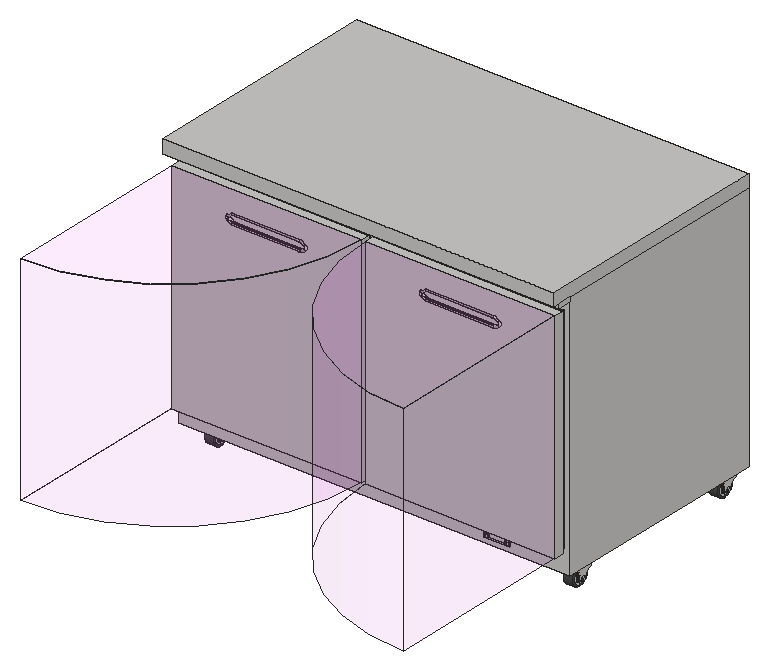
Revit family "QF_Kelvinator_738266_KCHUC48F", category Specialty Equipment, Revit 2021
Family settings
  Round Connector Dimension = Use Diameter
  Part Type = Normal
  Work Plane-Based = No
  Always vertical = Yes
  Cut with Voids When Loaded = No
  Shared = No
  Room Calculation Point = No
Parameters
  Weight in Pounds = 222.67
  Weight = 101.00 lbm
  Watts = 0 W
  Volts = 115 V
  URL Manufacturer = "KELVINATOR"
  URL Cutsheet = ""
  URL = "KELVINATOR"
  Specification by User = ""
  Specification by Manufacturer = ""
  Serial Number = ""
  Seismic Rating = ""
  SMACNA No = ""
  Revision Code = ""
  Refrigerant Type = "R290"
  Phase = 1
  Number of Poles = 1
  NAFEM Spec ID Number = ""
  Model = "KCHUC48F"
  Min Ckt Ampacity = 0 A
  Max Overcurrent Protection = 0 A
  Masterspec = ""
  Manufacturer = "Kelvinator"
  Length Actual = 1225"
  Length = 48 1/4"
  Item Number = "738266"
  Installed By = ""
  Identify Quantity as Lot = yes
  Height Actual = 902"
  Height = 35 1/2"
  HP = "0.5 HP"
  Gas KW = 0
  Furnished By = ""
  Foodservice Equipment Identifier = yes
  FL Amps = 4 A
  Electrical Remarks = ""
  Electric Connection Type = ""
  Elec Conn RI Height = 0"
  Elec Conn Connection Height = 0"
  Description = "2-DOOR UNDER COUNTER FEEZER 48\" LONG"
  Depth Actual = 760"
  Depth = 29 15/16"
  Default Elevation = 0"
  Cycle = 60 Hz
  Conn Plug = "5-15P"
  Conn Conduit = yes
  CSI MasterFormat = ""
  Apparent Power = 0 VA
  Accessory = no
Reference planes (in)
  plane 1 "BACK": y = 0
  plane 2: z = 0
  plane 3 "LEFT": x = 0
  plane 4 "RIGHT": x = 48.25
  plane 5 "FRONT": y = -29.9375
  plane 6 "TOP": z = 35.5
  plane 7 "Center Y": x = 24.125
  plane 8 "Center X": y = -14.96875
Dimensions and locks (in)
  equal spacing: plane 3 "LEFT", plane 7 "Center Y", plane 4 "RIGHT"
  "Length": plane 3 "LEFT" to plane 4 "RIGHT"
  equal spacing: plane 5 "FRONT", plane 8 "Center X", plane 1 "BACK"
  "Depth": plane 5 "FRONT" to plane 1 "BACK"
  "Height": plane 6 "TOP" to level
  aligned and locked: level to plane 2
Nested families (in)
  nested 1: "KCHST.0001" at (0, 0, 0), type "KCHST.0001"
    with Show Clearance yes
Connectors (in)
  electrical at (24.125, -0.87772, 2.31881), driven by "Volts", driven by "Watts"
    settings: on nested 1, index 1, voltage 115 V, apparent load 0 VA, apparent load phase1 0 VA, apparent load phase2 0 VA, apparent load phase3 0 VA, power factor 1, load classification "Other", number of poles 1, system type 30, power factor state 1, is connector primary yes, connector utility no, sub classification motor no, connector description ""
Definition of nested family "KCHST.0001"
  Parameters (values of type "KCHST.0001")
    Weight in Pounds = 0
    URL Cutsheet = ""
    Specification by User = ""
    Specification by Manufacturer = ""
    Show Clearance [instance] = yes
    Serial Number = ""
    Seismic Rating = ""
    SMACNA No = ""
    Revision Code = ""
    NAFEM Spec ID Number = ""
    Masterspec = ""
    Length = 48 1/4"
    Item Number = ""
    Installed By = ""
    Identify Quantity as Lot = yes
    Height = 35 1/2"
    Furnished By = ""
    Foodservice Equipment Identifier = yes
    Depth = 29 15/16"
    Default Elevation = 0"
    CSI MasterFormat = ""
  Reference planes (in)
    plane 1 "BACK": y = 0
    plane 2: z = 0
    plane 3 "LEFT": x = 0
    plane 4 "RIGHT": x = 48.25
    plane 5 "FRONT": y = -29.9375
    plane 6 "TOP": z = 35.5
    plane 7 "Center Y": x = 24.125
    plane 8 "Center X": y = -14.96875
    plane 9: z = 3.1
    plane 10: z = 33.9
    plane 11: y = -56
    plane 12: y = -29.2
    plane 13: z = 32.4
    plane 14: z = 5.6
    plane 15: y = -27.5
    plane 16: x = 46.25
    plane 17: x = 2
    plane 18: x = 23.875
    plane 19: x = 0.5
    plane 20: x = 12.17363
    plane 21: x = 36.07637
  Forms (in)
    Extrusion 1, solid
      sketch origin (0, 0, 0) x (0, 1, 0) y (0, 0, 1)
        loop
          line (-27.5, 33.9) -> (-27.5, 3.1) -> (0, 3.1) -> (0, 33.9) -> (-27.5, 33.9)
      from 0 to 48.25
    Extrusion 2, solid
      sketch origin (0, 0, 0) x (0, 1, 0) y (0, 0, 1)
        loop
          line (-29.9375, 35.5) -> (-29.9375, 33.9) -> (0, 33.9) -> (0, 35.5) -> (-29.9375, 35.5)
      from 0 to 48.25
    Extrusion 3, solid
      sketch origin (0, 0, 0) x (0, 1, 0) y (0, 0, 1)
        loop
          line (-29.2, 33.9) -> (-29.2, 33.4) -> (-27.5, 33.4) -> (-27.5, 33.9) -> (-29.2, 33.9)
      from 0 to 48.25
    Extrusion 4, solid
      sketch origin (24.125, 6.90541, 48) x (0, 1, 0) y (0, 0, 1)
        loop
          line (-36.10541, -15.6) -> (-36.10541, -42.4) -> (-34.95211, -42.4) -> (-34.95211, -15.6) -> (-36.10541, -15.6)
      from -0.25 to -23.625
    Extrusion 5, solid
      sketch origin (0, 0, 0) x (0, 1, 0) y (0, 0, 1)
        loop
          line (-28.04671, 32.20449) -> (-28.04671, 5.81322) -> (-27.79671, 5.81322) -> (-27.79671, 32.20449) -> (-28.04671, 32.20449)
      from 0.74536 to 23.60189
    Extrusion 6, solid
      sketch origin (0, 0.25, 0) x (0, 1, 0) y (0, 0, 1)
        loop
          line (-28.04671, 32.20449) -> (-28.04671, 5.81322) -> (-27.864, 5.81322) -> (-27.864, 32.20449) -> (-28.04671, 32.20449)
      from 0.74536 to 23.60189
    Extrusion 7, solid
      sketch origin (0, 0.4327, 0) x (0, 1, 0) y (0, 0, 1)
        loop
          line (-28.04671, 32.20449) -> (-28.04671, 5.81322) -> (-27.9327, 5.81322) -> (-27.9327, 32.20449) -> (-28.04671, 32.20449)
      from 0.74536 to 23.60189
    Extrusion 8, solid
      sketch origin (-4.97957, -27.5, -4.77927) x (-1, 0, 0) y (0, 0, 1)
        loop
          line (-42.67533, 9.70772) -> (-45.82493, 9.70772) -> (-45.82493, 8.52662) -> (-42.67533, 8.52662) -> (-42.67533, 9.70772)
        loop
          line (-42.75407, 9.63107) -> (-43.14777, 9.63107) -> (-43.14777, 9.31193) -> (-42.75407, 9.31193) -> (-42.75407, 9.63107)
        loop
          line (-42.75407, 9.27674) -> (-43.14777, 9.27674) -> (-43.14777, 8.9576) -> (-42.75407, 8.9576) -> (-42.75407, 9.27674)
        loop
          line (-42.75407, 8.92241) -> (-43.14777, 8.92241) -> (-43.14777, 8.60327) -> (-42.75407, 8.60327) -> (-42.75407, 8.92241)
        loop
          line (-45.74619, 9.63107) -> (-45.74619, 9.31193) -> (-45.35249, 9.31193) -> (-45.35249, 9.63107) -> (-45.74619, 9.63107)
        loop
          line (-45.74619, 9.27674) -> (-45.74619, 8.9576) -> (-45.35249, 8.9576) -> (-45.35249, 9.27674) -> (-45.74619, 9.27674)
        loop
          line (-45.74619, 8.92241) -> (-45.74619, 8.60327) -> (-45.35249, 8.60327) -> (-45.35249, 8.92241) -> (-45.74619, 8.92241)
        loop
          line (-43.22525, 9.63107) -> (-45.27501, 9.63107) -> (-45.27501, 8.60716) -> (-43.22525, 8.60716) -> (-43.22525, 9.63107)
      from 0.07874 to -0.04602
    Extrusion 9, solid
      sketch origin (-4.97957, -27.54602, -4.77927) x (1, 0, 0) y (0, 0, 1)
        loop
          line (45.35249, 9.63107) -> (45.35249, 9.31193) -> (45.74619, 9.31193) -> (45.74619, 9.63107) -> (45.35249, 9.63107)
        loop
          line (45.35249, 9.27674) -> (45.35249, 8.9576) -> (45.74619, 8.9576) -> (45.74619, 9.27674) -> (45.35249, 9.27674)
        loop
          line (45.35249, 8.92241) -> (45.35249, 8.60327) -> (45.74619, 8.60327) -> (45.74619, 8.92241) -> (45.35249, 8.92241)
        loop
          line (43.14777, 9.63107) -> (42.75407, 9.63107) -> (42.75407, 9.31193) -> (43.14777, 9.31193) -> (43.14777, 9.63107)
        loop
          line (43.14777, 9.27674) -> (42.75407, 9.27674) -> (42.75407, 8.9576) -> (43.14777, 8.9576) -> (43.14777, 9.27674)
        loop
          line (43.14777, 8.92241) -> (42.75407, 8.92241) -> (42.75407, 8.60327) -> (43.14777, 8.60327) -> (43.14777, 8.92241)
      from 0 to -0.07874
    Extrusion 10, solid
      sketch origin (-4.97957, -27.54602, -4.77927) x (1, 0, 0) y (0, 0, 1)
        loop
          line (43.22525, 9.63107) -> (43.22525, 8.60716) -> (45.27501, 8.60716) -> (45.27501, 9.63107) -> (43.22525, 9.63107)
      from 0 to -0.07874
    Extrusion 11, void
      sketch origin (-4.97957, -27.5, -4.77927) x (-1, 0, 0) y (0, 0, 1)
        loop
          line (-42.67533, 9.70772) -> (-45.82493, 9.70772) -> (-45.82493, 8.52662) -> (-42.67533, 8.52662) -> (-42.67533, 9.70772)
      from 0 to 0.07874
    Extrusion 12, void
      sketch origin (-37.41705, -29.19996, 31.5181) x (0, 0, 1) y (1, 0, 0)
        loop
          line (-1.94791, 45.41568) -> (-1.94791, 53.76568) -> (-2.28604, 54.30668)
          arc (-2.28604, 54.30668) -> (-2.38541, 54.36176) -> (-2.48479, 54.30668) r 0.11719
          line (-2.48479, 54.30668) -> (-2.82291, 53.76568) -> (-2.82291, 45.41568) -> (-2.48621, 44.87696)
          arc (-2.48621, 44.87696) -> (-2.38541, 44.82109) -> (-2.28462, 44.87696) r 0.11887
          line (-2.28462, 44.87696) -> (-1.94791, 45.41568)
      from 0 to 0.31887
    Sweep 13, solid
      path origin (-37.41705, -26.39996, 31.5181) x (0, 0, -1) y (1, 0, 0)
        loop
          line (2.82291, 53.76568) -> (2.48479, 54.30668)
          arc (2.48479, 54.30668) -> (2.38541, 54.36176) -> (2.28604, 54.30668) r 0.11719
          line (2.28604, 54.30668) -> (1.94791, 53.76568) -> (1.94791, 45.41568) -> (2.28462, 44.87696)
          arc (2.28462, 44.87696) -> (2.38541, 44.82109) -> (2.48621, 44.87696) r 0.11887
          line (2.48621, 44.87696) -> (2.82291, 45.41568) -> (2.82291, 53.76568)
      profile origin (12.17363, -26.39996, 28.69519) x (0, 0, -1) y (0, -1, 0)
        loop
          line (0, 2.8) -> (0.25, 2.8)
          arc (0.25, 2.8) -> (0.125, 2.85269) -> (0, 2.8) r 0.17461
    Extrusion 14, solid
      sketch origin (-9.65625, -3.56521, 3.1) x (-1, 0, 0) y (0, 1, 0)
        loop
          circle (-33.78125, 2.68749) r 0.25
      from 0 to 0.78119
    Extrusion 15, solid
      sketch origin (24.125, 6.90541, 48) x (0, 1, 0) y (0, 0, -1)
        loop
          line (-36.10541, 15.6) -> (-34.95211, 15.6) -> (-34.95211, 42.4) -> (-36.10541, 42.4) -> (-36.10541, 15.6)
      from -0.25 to -23.625
    Extrusion 16, solid
      sketch origin (48.25, 0, 0) x (0, 1, 0) y (0, 0, -1)
        loop
          line (-28.04671, -32.20449) -> (-27.79671, -32.20449) -> (-27.79671, -5.81322) -> (-28.04671, -5.81322) -> (-28.04671, -32.20449)
      from 0.74536 to 23.60189
    Extrusion 17, solid
      sketch origin (48.25, 0.25, 0) x (0, 1, 0) y (0, 0, -1)
        loop
          line (-28.04671, -32.20449) -> (-27.864, -32.20449) -> (-27.864, -5.81322) -> (-28.04671, -5.81322) -> (-28.04671, -32.20449)
      from 0.74536 to 23.60189
    Extrusion 18, solid
      sketch origin (48.25, 0.4327, 0) x (0, 1, 0) y (0, 0, -1)
        loop
          line (-28.04671, -32.20449) -> (-27.9327, -32.20449) -> (-27.9327, -5.81322) -> (-28.04671, -5.81322) -> (-28.04671, -32.20449)
      from 0.74536 to 23.60189
    Extrusion 19, void
      sketch origin (85.66705, -29.19996, 31.5181) x (0, 0, 1) y (1, 0, 0)
        loop
          line (-1.94791, -45.41568) -> (-2.28462, -44.87696)
          arc (-2.28462, -44.87696) -> (-2.38541, -44.82109) -> (-2.48621, -44.87696) r 0.11887
          line (-2.48621, -44.87696) -> (-2.82291, -45.41568) -> (-2.82291, -53.76568) -> (-2.48479, -54.30668)
          arc (-2.48479, -54.30668) -> (-2.38541, -54.36176) -> (-2.28604, -54.30668) r 0.11719
          line (-2.28604, -54.30668) -> (-1.94791, -53.76568) -> (-1.94791, -45.41568)
      from 0 to 0.31887
    Sweep 20, solid
      path origin (85.66705, -26.39996, 31.5181) x (0, 0, -1) y (1, 0, 0)
        loop
          line (2.82291, -53.76568) -> (2.82291, -45.41568) -> (2.48621, -44.87696)
          arc (2.48621, -44.87696) -> (2.38541, -44.82109) -> (2.28462, -44.87696) r 0.11887
          line (2.28462, -44.87696) -> (1.94791, -45.41568) -> (1.94791, -53.76568) -> (2.28604, -54.30668)
          arc (2.28604, -54.30668) -> (2.38541, -54.36176) -> (2.48479, -54.30668) r 0.11719
          line (2.48479, -54.30668) -> (2.82291, -53.76568)
      profile origin (36.07637, -26.39996, 28.69519) x (0, 0, 1) y (0, -1, 0)
        loop
          arc (0, 2.8) -> (-0.125, 2.85269) -> (-0.25, 2.8) r 0.17461
          line (-0.25, 2.8) -> (0, 2.8)
    Extrusion 21, solid, visible <- "Show Clearance"
      sketch origin (0, 9.61225, 5.6) x (1, 0, 0) y (0, -1, 0)
        loop
          arc (23.875, 38.81225) -> (17.02862, 55.34087) -> (0.5, 62.18725) r 23.375
          line (0.5, 62.18725) -> (0.5, 38.81225) -> (23.875, 38.81225)
        loop
          line (24.375, 38.81225) -> (47.75, 38.81225) -> (47.75, 62.18725)
          arc (47.75, 62.18725) -> (31.22138, 55.34087) -> (24.375, 38.81225) r 23.375
      from 0 to -26.8
  Cuts and joins
    Extrusion 11 cuts Extrusion 8
    Extrusion 12, Extrusion 19 cuts Extrusion 4
    Extrusion 19 cuts Extrusion 15
  Lines and regions (in)
    symbolic lines
      curve 1: line (48.25, -29.9375, 0) -> (48.25, 0, 0)
      curve 2: line (48.25, 0, 0) -> (0, 0, 0)
      curve 3: line (0, 0, 0) -> (0, -29.9375, 0)
      curve 4: line (0, -29.9375, 0) -> (48.25, -29.9375, 0)
    symbolic lines, visible <- "Show Clearance"
      curve 5: arc (23.86336, -29.9375, 0) -> (22.89064, -35.91193, 0) -> (20.41644, -41.43626, 0) r 23.375
      curve 6: arc (27.83356, -41.43626, 0) -> (25.35936, -35.91193, 0) -> (24.38664, -29.9375, 0) r 23.375
      curve 7: line (0.5, -29.9375, 0) -> (20.41644, -41.43626, 0)
      curve 8: line (47.75, -29.9375, 0) -> (27.83356, -41.43626, 0)
  Dimensions and locks (in)
    equal spacing: plane 3 "LEFT", plane 7 "Center Y", plane 4 "RIGHT"
    "Length": plane 3 "LEFT" to plane 4 "RIGHT"
    equal spacing: plane 5 "FRONT", plane 8 "Center X", plane 1 "BACK"
    "Depth": plane 5 "FRONT" to plane 1 "BACK"
    "Height": plane 6 "TOP" to level
    level to plane 9 = 3.1"
    plane 10 to plane 9 = 30.8"
    plane 11 to plane 1 "BACK" = 56"
    plane 14 to plane 13 = 26.8"
    locked: plane 4 "RIGHT" to plane 16 at 2
    locked: plane 3 "LEFT" to plane 17 at 2
    locked: plane 19 to plane 3 "LEFT" at 0.5
    plane 9 to plane 6 "TOP" = 32.4"
    plane 3 "LEFT" to plane 4 "RIGHT" = 48 1/4"
    aligned and locked: level to plane 2
    aligned and locked: plane 16 to nested 1
    aligned and locked: nested 2 to plane 17
    aligned and locked: Extrusion 1 to plane 4 "RIGHT"
    aligned and locked: plane 4 "RIGHT" to Extrusion 1
    aligned and locked: Extrusion 3 to plane 4 "RIGHT"
    aligned and locked: Extrusion 2 to plane 4 "RIGHT"
    aligned and locked: plane 18 to cut or joined group of Extrusion 4, Extrusion 12, Extrusion 19
    aligned and locked: cut or joined group of Extrusion 4, Extrusion 12, Extrusion 19 to plane 19
    aligned and locked: plane 16 to nested 3
  Automatic sketch dimensions
    plane 9 to Extrusion 1 sketch curve = 0"
    Extrusion 1 sketch curve to plane 15 = 0"
    Extrusion 1 sketch curve to plane 1 "BACK" = 0"
    Extrusion 1 sketch curve to plane 10 = 0"
    Extrusion 2 sketch curve to plane 5 "FRONT" = 0"
    Extrusion 2 sketch curve to plane 1 "BACK" = 0"
    Extrusion 2 sketch curve to plane 10 = 0"
    Extrusion 2 sketch curve to plane 6 "TOP" = 0"
    Extrusion 3 sketch curve to plane 10 = 0"
    Extrusion 3 sketch curve to plane 12 = 0"
    Extrusion 3 sketch curve to plane 15 = 0"
    Extrusion 3 sketch curve to Extrusion 3 sketch curve = 1/2"
    Extrusion 4 sketch curve to plane 12 = 0"
    plane 14 to Extrusion 4 sketch curve = 0"
    plane 13 to Extrusion 4 sketch curve = 0"
    Extrusion 4 sketch curve to plane 15 = 0.54671"
    Extrusion 5 sketch curve to plane 14 = 0.21322"
    Extrusion 5 sketch curve to plane 15 = 0.54671"
    Extrusion 5 sketch curve to Extrusion 5 sketch curve = 1/4"
    plane 13 to Extrusion 5 sketch curve = 0.19551"
    Extrusion 6 sketch curve to plane 15 = 0.29671"
    Extrusion 6 sketch curve to plane 15 = 0.114"
    Extrusion 6 sketch curve to plane 14 = 0.21322"
    plane 13 to Extrusion 6 sketch curve = 0.19551"
    Extrusion 7 sketch curve to plane 15 = 0"
    Extrusion 7 sketch curve to Extrusion 7 sketch curve = 0.114"
    Extrusion 7 sketch curve to plane 14 = 0.21322"
    plane 13 to Extrusion 7 sketch curve = 0.19551"
    plane 14 to Extrusion 8 sketch curve = 0.67154"
    Extrusion 8 sketch curve to plane 21 = 4.76899"
    Extrusion 8 sketch curve to Extrusion 8 sketch curve = 0.07874"  (x3)
    Extrusion 8 sketch curve to Extrusion 8 sketch curve = 0"  (x7)
    Extrusion 8 sketch curve to Extrusion 8 sketch curve = 0.3937"  (x2)
    Extrusion 8 sketch curve to Extrusion 8 sketch curve = 0.07748"  (x3)
    Extrusion 8 sketch curve to plane 9 = 0.72789"
    Extrusion 8 sketch curve to Extrusion 8 sketch curve = 2.04976"
    Extrusion 8 sketch curve to Extrusion 8 sketch curve = 1/256"  (x2)
    Extrusion 8 sketch curve to Extrusion 8 sketch curve = 0.07665"  (x3)
    Extrusion 8 sketch curve to Extrusion 8 sketch curve = 0.31914"  (x4)
    Extrusion 8 sketch curve to Extrusion 8 sketch curve = 0.03519"  (x4)
    Extrusion 8 to Extrusion 9 sketch curve = 0"  (x10)
    Extrusion 9 sketch curve to Extrusion 8 = 0"  (x14)
    Extrusion 10 sketch curve to Extrusion 8 = 0"  (x3)
    Extrusion 8 to Extrusion 10 sketch curve = 0"
    plane 14 to Extrusion 11 sketch curve = 0.67154"
    Extrusion 11 sketch curve to plane 21 = 4.76899"
    Extrusion 11 sketch curve to plane 9 = 0.64735"
    Extrusion 11 sketch curve to plane 21 = 1.61938"
    plane 13 to Extrusion 12 sketch curve = 3.70481"
    Extrusion 12 sketch curve to Extrusion 12 sketch curve = 0.3367"
    Extrusion 12 sketch curve to Extrusion 12 sketch curve = 0.33813"  (x2)
    Extrusion 12 sketch curve to Extrusion 12 sketch curve = 0.09937"  (x2)
    Extrusion 12 sketch curve to Extrusion 12 sketch curve = 0.1008"  (x2)
    Extrusion 12 sketch curve to plane 20 = 4.71372"
    Extrusion 12 sketch curve to Extrusion 12 sketch curve = 0.063"
    Extrusion 12 sketch curve to Extrusion 12 sketch curve = 0.53872"  (x2)
    plane 20 to Extrusion 12 sketch curve = 4.175"
    Extrusion 12 sketch curve to Extrusion 12 sketch curve = 0"
    Extrusion 12 sketch curve to Extrusion 12 sketch curve = 0.47889"
    Extrusion 12 sketch curve to Extrusion 12 sketch curve = 0.06211"
    plane 13 to Sweep 13 sketch curve = 2.82981"
    Sweep 13 sketch curve to Sweep 13 sketch curve = 0.3367"
    Sweep 13 sketch curve to Sweep 13 sketch curve = 0.33813"  (x2)
    Sweep 13 sketch curve to Sweep 13 sketch curve = 0.09937"  (x2)
    Sweep 13 sketch curve to Sweep 13 sketch curve = 0.1008"  (x2)
    Sweep 13 sketch curve to plane 20 = 4.71372"
    Sweep 13 sketch curve to Sweep 13 sketch curve = 0.063"
    Sweep 13 sketch curve to Sweep 13 sketch curve = 0.53872"  (x2)
    plane 20 to Sweep 13 sketch curve = 4.175"
    Sweep 13 sketch curve to Sweep 13 sketch curve = 0"
    Sweep 13 sketch curve to Sweep 13 sketch curve = 0.47889"
    Sweep 13 sketch curve to Sweep 13 sketch curve = 0.06211"
    Sweep 13 sketch curve to profile plane = 0"
    Sweep 13 sketch curve to profile plane = 1/8"
    profile plane to Sweep 13 sketch curve = 2.67809"
    Sweep 13 sketch curve to Sweep 13 sketch curve = 0.12191"
    Extrusion 15 sketch curve to plane 12 = 0"
    plane 14 to Extrusion 15 sketch curve = 0"
    plane 13 to Extrusion 15 sketch curve = 0"
    Extrusion 15 sketch curve to plane 15 = 0.54671"
    Extrusion 16 sketch curve to plane 14 = 0.21322"
    Extrusion 16 sketch curve to plane 15 = 0.54671"
    Extrusion 16 sketch curve to Extrusion 16 sketch curve = 1/4"
    plane 13 to Extrusion 16 sketch curve = 0.19551"
    Extrusion 17 sketch curve to plane 15 = 0.29671"
    Extrusion 17 sketch curve to plane 15 = 0.114"
    plane 13 to Extrusion 17 sketch curve = 0.19551"
    Extrusion 17 sketch curve to plane 14 = 0.21322"
    Extrusion 18 sketch curve to plane 15 = 0"
    Extrusion 18 sketch curve to Extrusion 18 sketch curve = 0.114"
    plane 13 to Extrusion 18 sketch curve = 0.19551"
    Extrusion 18 sketch curve to plane 14 = 0.21322"
    plane 13 to Extrusion 19 sketch curve = 3.70481"
    Extrusion 19 sketch curve to Extrusion 19 sketch curve = 0.3367"
    Extrusion 19 sketch curve to Extrusion 19 sketch curve = 0.33813"  (x2)
    Extrusion 19 sketch curve to Extrusion 19 sketch curve = 0.09937"  (x2)
    Extrusion 19 sketch curve to Extrusion 19 sketch curve = 0.1008"  (x2)
    plane 21 to Extrusion 19 sketch curve = 4.716"
    Extrusion 19 sketch curve to Extrusion 19 sketch curve = 0.06211"
    Extrusion 19 sketch curve to Extrusion 19 sketch curve = 0.541"  (x2)
    Extrusion 19 sketch curve to plane 21 = 4.175"
    Extrusion 19 sketch curve to Extrusion 19 sketch curve = 0"
    Extrusion 19 sketch curve to Extrusion 19 sketch curve = 0.47572"
    Extrusion 19 sketch curve to Extrusion 19 sketch curve = 0.063"
    plane 13 to Sweep 20 sketch curve = 2.82981"
    Sweep 20 sketch curve to Sweep 20 sketch curve = 0.3367"
    Sweep 20 sketch curve to Sweep 20 sketch curve = 0.33813"  (x2)
    Sweep 20 sketch curve to Sweep 20 sketch curve = 0.09937"  (x2)
    Sweep 20 sketch curve to Sweep 20 sketch curve = 0.1008"  (x2)
    plane 21 to Sweep 20 sketch curve = 4.716"
    Sweep 20 sketch curve to Sweep 20 sketch curve = 0.06211"
    Sweep 20 sketch curve to Sweep 20 sketch curve = 0.541"  (x2)
    Sweep 20 sketch curve to plane 21 = 4.175"
    Sweep 20 sketch curve to Sweep 20 sketch curve = 0"
    Sweep 20 sketch curve to Sweep 20 sketch curve = 0.47572"
    Sweep 20 sketch curve to Sweep 20 sketch curve = 0.063"
    profile plane to Sweep 20 sketch curve = 0"
    profile plane to Sweep 20 sketch curve = 1/8"
    profile plane to Sweep 20 sketch curve = 2.67809"
    Sweep 20 sketch curve to Sweep 20 sketch curve = 0.12191"
    Extrusion 1 to Extrusion 14 sketch curve = 0.87772"
    Extrusion 14 sketch curve to Extrusion 1 = 24 1/8"
    Extrusion 21 sketch curve to plane 12 = 0"  (x2)
    Extrusion 21 sketch curve to plane 19 = 0"
    Extrusion 21 sketch curve to plane 18 = 0"
    plane 7 "Center Y" to Extrusion 21 sketch curve = 1/4"
    plane 4 "RIGHT" to Extrusion 21 sketch curve = 1/2"
    curve 4 to plane 3 "LEFT" = 0"
    plane 5 "FRONT" to curve 7 = 0"
    curve 7 to plane 19 = 0"
    curve 5 to plane 12 = 0"
    curve 5 to plane 19 = 0"
    curve 6 to plane 12 = 0"
    plane 1 "BACK" to curve 1 = 0"
    curve 1 to plane 4 "RIGHT" = 0"
    curve 7 to plane 18 = 3.45856"
    plane 7 "Center Y" to curve 8 = 3.70856"
    plane 4 "RIGHT" to curve 6 = 1/2"
    plane 5 "FRONT" to curve 7 = 11.49876"
    curve 5 to curve 8 = 0"
    plane 4 "RIGHT" to curve 8 = 1/2"
    radius of Extrusion 14 sketch curve = 1/4"
  Nested families (in)
    nested 1: "3 INCHES 01_CASTER" at (46.25, -24.75, 0), type "3 INCHES 01_CASTER"
      with Type Mark "", Specification by User "", Revision Code "", Item Number "", Installed By "", Identify Quantity as Lot yes, Furnished By "", Foodservice Equipment Identifier yes, 3 Inches Caster yes
    nested 2: "3 INCHES 01_CASTER" at (2, -24.75, 0), type "3 INCHES 01_CASTER"
      with Type Mark "", Specification by User "", Revision Code "", Item Number "", Installed By "", Identify Quantity as Lot yes, Furnished By "", Foodservice Equipment Identifier yes, 3 Inches Caster yes
    nested 3: "3 INCHES 01_CASTER" at (46.25, -2.375, 0), type "3 INCHES 01_CASTER"
      with Type Mark "", Specification by User "", Revision Code "", Item Number "", Installed By "", Identify Quantity as Lot yes, Furnished By "", Foodservice Equipment Identifier yes, 3 Inches Caster yes
    nested 4: "3 INCHES 01_CASTER" at (2, -2.375, 0), type "3 INCHES 01_CASTER"
      with Type Mark "", Specification by User "", Revision Code "", Item Number "", Installed By "", Identify Quantity as Lot yes, Furnished By "", Foodservice Equipment Identifier yes, 3 Inches Caster yes
  Definition of nested family "3 INCHES 01_CASTER"
    Parameters (values of type "3 INCHES 01_CASTER")
      Weight = ""
      URL Manufacturer = ""
      URL Cutsheet = ""
      URL = ""
      Type Mark [instance] = ""
      Specification by User [instance] = ""
      Specification by Manufacturer = ""
      Serial Number = ""
      Seismic Rating = ""
      SMACNA No = ""
      Revision Code [instance] = ""
      Omniclass Number and Title = ""
      NAFEM Spec ID Number = ""
      Model = ""
      MasterSpec. = ""
      Manufacturer = ""
      Item Number [instance] = ""
      Installed By [instance] = ""
      Identify Quantity as Lot [instance] = yes
      Furnished By [instance] = ""
      Foodservice Equipment Identifier [instance] = yes
      Description = ""
      Default Elevation = 0"
      CSI MasterFormat = ""
      CSI Master Format = ""
      Assembly Code = ""
      3 Inches Caster [instance] = yes
    Reference planes (in)
      plane 1: z = 0
      plane 2 "RIGHT": x = 0
      plane 3 "FRONT": y = 0
      plane 4 "TOP": z = 3.1
    Forms (in)
      Revolve 1, solid, visible <- "3 Inches Caster"
        sketch origin (-1.93794, 0.56004, -1.0041) x (1, 0, 0) y (0, 0, 1)
          loop
            line (0.74055, 2.11347) -> (0.74055, 2.03797) -> (0.79055, 1.98797) -> (0.85055, 1.98797) -> (0.85055, 1.8679) -> (1.235, 1.8679) -> (1.235, 1.7068) -> (1.36441, 1.63209) -> (1.4003, 1.41035) -> (1.34375, 1.41035) -> (1.34375, 1.28535) -> (1.375, 1.28535) -> (1.375, 1.0041) -> (2.48438, 1.0041) -> (2.48438, 1.28535) -> (2.51563, 1.28535) -> (2.51563, 1.41035) -> (2.45908, 1.41035) -> (2.49553, 1.6356) -> (2.62438, 1.70999) -> (2.62438, 1.8679) -> (3.04007, 1.8679) -> (3.04007, 1.98797) -> (3.10007, 1.98797) -> (3.15007, 2.03797) -> (3.15007, 2.11347) -> (0.74055, 2.11347)
          axis (0.74055, 2.11347) -> (3.15007, 2.11347)
        angle from 0 to 360
      Extrusion 2, solid, visible <- "3 Inches Caster"
        sketch origin (-1.93794, 1.35294, -3.2541) x (0, 1, 0) y (0, 0, 1)
          loop
            line (-0.41094, 5.86793) -> (-0.41094, 6.01276) -> (-2.29494, 6.01276) -> (-2.29494, 5.71244) -> (-1.82301, 5.71244)
            arc (-1.82301, 5.71244) -> (-1.00307, 5.59865) -> (-0.19592, 5.41488) r 9.6332
            arc (-0.19592, 5.41488) -> (0.12646, 5.29481) -> (0.42224, 5.11916) r 1.92059
            line (0.42224, 5.11916) -> (0.51314, 5.245)
            arc (0.51314, 5.245) -> (0.27353, 5.42569) -> (0.01201, 5.5729) r 2.25036
            line (0.01201, 5.5729) -> (0.09371, 5.71426)
            arc (0.09371, 5.71426) -> (-0.15272, 5.81043) -> (-0.41094, 5.86793) r 1.73151
        from 1.17357 to 2.70231
      Revolve 3, solid, visible <- "3 Inches Caster"
        sketch origin (0, 1.73858, -3.25) x (0, 1, 0) y (0, 0, 1)
          loop
            line (-1.73858, 6.35) -> (-1.73858, 6.00866) -> (-0.93293, 6.00866) -> (-0.93293, 6.35) -> (-1.73858, 6.35)
          axis (-1.73858, 6.00866) -> (-1.73858, 6.35)
        angle from 0 to 360
      Extrusion 4, solid, visible <- "3 Inches Caster"
        sketch origin (-1.98481, 1.35294, -1.7541) x (0, 1, 0) y (0, 0, 1)
          loop
            line (-2.29494, 4.51276) -> (-2.29494, 4.21244) -> (-2.2074, 4.21244)
            arc (-2.2074, 4.21244) -> (-1.58796, 3.87196) -> (-1.3103, 3.22193) r 1.0835
            arc (-1.3103, 3.22193) -> (-1.27304, 2.98711) -> (-1.19616, 2.76214) r 1.38462
            arc (-1.19616, 2.76214) -> (-0.77704, 2.49744) -> (-0.37393, 2.78593) r 0.44401
            arc (-0.37393, 2.78593) -> (-0.35491, 2.84407) -> (-0.34077, 2.90358) r 0.74034
            arc (-0.34077, 2.90358) -> (-0.07302, 3.38916) -> (0.4279, 3.62699) r 0.90376
            line (0.4279, 3.62699) -> (0.51314, 3.745)
            arc (0.51314, 3.745) -> (0.27353, 3.92569) -> (0.01201, 4.0729) r 2.25036
            line (0.01201, 4.0729) -> (0.09371, 4.21426)
            arc (0.09371, 4.21426) -> (-0.15272, 4.31043) -> (-0.41094, 4.36793) r 1.73151
            line (-0.41094, 4.36793) -> (-0.41094, 4.51276) -> (-2.29494, 4.51276)
        from 2.74918 to 2.90825
      Extrusion 5, solid, visible <- "3 Inches Caster"
        sketch origin (1.98481, 1.35294, -1.7541) x (0, 1, 0) y (0, 0, -1)
          loop
            line (-2.29494, -4.51276) -> (-0.41094, -4.51276) -> (-0.41094, -4.36793)
            arc (-0.41094, -4.36793) -> (-0.15272, -4.31043) -> (0.09371, -4.21426) r 1.73151
            line (0.09371, -4.21426) -> (0.01201, -4.0729)
            arc (0.01201, -4.0729) -> (0.27353, -3.92569) -> (0.51314, -3.745) r 2.25036
            line (0.51314, -3.745) -> (0.4279, -3.62699)
            arc (0.4279, -3.62699) -> (-0.07302, -3.38916) -> (-0.34077, -2.90358) r 0.90376
            arc (-0.34077, -2.90358) -> (-0.35491, -2.84407) -> (-0.37393, -2.78593) r 0.74034
            arc (-0.37393, -2.78593) -> (-0.77704, -2.49744) -> (-1.19616, -2.76214) r 0.44401
            arc (-1.19616, -2.76214) -> (-1.27304, -2.98711) -> (-1.3103, -3.22193) r 1.38462
            arc (-1.3103, -3.22193) -> (-1.58796, -3.87196) -> (-2.2074, -4.21244) r 1.0835
            line (-2.2074, -4.21244) -> (-2.29494, -4.21244) -> (-2.29494, -4.51276)
        from 2.74918 to 2.90825
    Cuts and joins
      joined: Extrusion 2, Extrusion 4, Extrusion 5
    Lines and regions (in)
      symbolic lines, visible <- "3 Inches Caster"
        curve 1: line (0.1877, 1.65194, 0) -> (0.89063, 1.2461, 0)
        curve 2: line (-1.00175, -0.40823, 0) -> (0.1877, 1.65194, 0)
        curve 3: line (-0.29881, -0.81407, 0) -> (-1.00175, -0.40823, 0)
        curve 4: line (0.89063, 1.2461, 0) -> (-0.29881, -0.81407, 0)
    Dimensions and locks (in)
      plane 4 "TOP" to level = 3.1"  (x2)
      aligned and locked: level to plane 1
